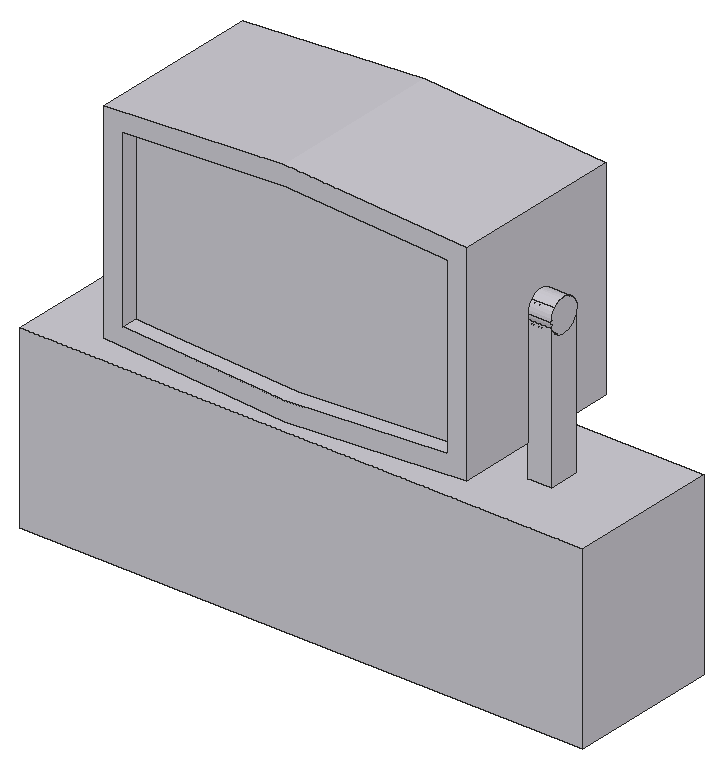
Revit family "Lighting-Track-Amerlux-Murro_Horizontal_Wallwash", category Lighting Fixtures, host Face, Revit 2015
Parameters
  Width = 0' - 2 5/16"
  Wattage = 9.2903 W
  built-in parameter 1150110 = 1 (stored number, unit not read)
  built-in parameter 1114217 = 1 (stored number, unit not read)
  Tilt Angle = 90.00°
  built-in parameter 1150109 = 1 (stored number, unit not read)
  built-in parameter 1150134 = 3
  built-in parameter 1150113 = 1 (stored number, unit not read)
  Photometric Web File = "generic"
  built-in parameter 1150142 = (empty or 0)
  built-in parameter 1150105 = 109.82 (stored number, unit not read)
  Lumens = 1380 lm
  built-in parameter 1150115 = 1 (stored number, unit not read)
  built-in parameter 1150137 = (empty or 0)
  built-in parameter 1150139 = (empty or 0)
  built-in parameter 1150112 = 1 (stored number, unit not read)
  built-in parameter 1150114 = 1 (stored number, unit not read)
  built-in parameter 1150132 = (empty or 0)
  built-in parameter 1150102 = (empty or 0)
  built-in parameter 1150107 = 3200 (stored number, unit not read)
  built-in parameter 1150138 = (empty or 0)
  built-in parameter 1150106 = 1.0982 (stored number, unit not read)
  Voltage = 0 V
  URL = "http://www.amerlux.com"
  Trim [instance] = yes
  Power Factor = 1
  Number of Poles = 1
  Model = "MURRO"
  Manufacturer = "Amerlux"
  Lamp = "LED"
  Fixture Finish = White
  Emit from Rectangle Width = 0' - 2 1/2"  # constant formula
  Emit from Rectangle Length = 0' - 4"  # constant formula
  Emit Shape Visible in Rendering = no
  built-in parameter 1150104 = 13.8 (stored number, unit not read)
  Dimming Lamp Color Temperature Shift = <None>
  Description = "Track LED"
  Default Elevation = 4' - 0"
  Color Filter = 16777215
  built-in parameter 1114218 = 1 (stored number, unit not read)
  built-in parameter 1150133 = 10 (stored number, unit not read)
  Apparent Load = 0 VA
Reference planes (in)
  plane 1 "Center (Front/Back)": y = 0
  plane 2: z = 0
  plane 3 "Center (Left/Right)": x = 0
  plane 4: z = -4.75
  plane 5: z = 26.3856
  plane 6: y = 1
  plane 7: y = -1
  plane 8: z = 6
  plane 9: y = -1.6582
  plane 10: y = -6.4707
  plane 11: z = 2.64365
  plane 12: x = -3.63296
  plane 13: x = 3.86704
  plane 14: z = 2.375
  plane 15: z = 5.75
Forms (in)
  Extrusion 1, solid, material "White Finish"
    sketch origin (-0.00041, 0, 0) x (1, 0, 0) y (0, 0, 1)
      loop
        line (3.86745, 2.375) -> (-3.6002, 2.375) -> (-3.6002, 0) -> (3.86745, 0) -> (3.86745, 2.375)
    from -1 to 1
  Extrusion 2, solid, material "White Finish"
    sketch origin (4.15584, 0, 0) x (1, 0, 0) y (0, 0, 1)
      loop
        line (-1.6582, 2.7999) -> (-1.6582, 5.5599)
        arc (-1.6582, 5.5599) -> (-4.06445, 5.70615) -> (-6.4707, 5.5599) r 19.86783
        line (-6.4707, 5.5599) -> (-6.4707, 2.7999)
        arc (-6.4707, 2.7999) -> (-4.06445, 2.65365) -> (-1.6582, 2.7999) r 19.86783
    from -1.09045 to 1.22205
  Extrusion 3, void
    sketch origin (3.71834, 0, 0) x (1, 0, 0) y (0, 0, 1)
      loop
        arc (-1.4707, 5.33729) -> (-3.62695, 5.45615) -> (-5.7832, 5.33729) r 19.61783
        line (-5.7832, 5.33729) -> (-5.7832, 3.02251)
        arc (-5.7832, 3.02251) -> (-3.62695, 2.90365) -> (-1.4707, 3.02251) r 19.61783
        line (-1.4707, 3.02251) -> (-1.4707, 5.33729)
    from 1 to 1.22205
  Extrusion 4, solid, material "White Finish"
    sketch origin (0, 0, 0) x (0, 1, 0) y (0, 0, 1)
      loop
        line (-0.19949, 4.35255) -> (-0.19949, 2.375) -> (0.20393, 2.375) -> (0.20393, 4.35255)
        arc (0.20393, 4.35255) -> (0.00222, 4.55426) -> (-0.19949, 4.35255) r 0.20171
    from 2.49764 to 2.81227
  Extrusion 5, solid, material "White Finish"
    sketch origin (0, 0, 0) x (0, 1, 0) y (0, 0, 1)
      loop
        circle (0, 4.33648) r 0.21109
    from 2.49764 to 2.81227
Cuts and joins
  Extrusion 3 cuts Extrusion 2
Dimensions and locks (in)
  aligned and locked: plane 2 to host face
  aligned and locked: level to host face
  aligned and locked: imposter light to cut or joined group of Extrusion 2, Extrusion 3
Connectors (in)
  electrical at (0.13321, 0, 0), driven by "Number of Poles", driven by "Voltage", driven by "Apparent Load", driven by "Power Factor"
    settings: on Extrusion 1, index 1, voltage 0 V, apparent load 0 VA, apparent load phase1 0 VA, apparent load phase2 0 VA, apparent load phase3 0 VA, power factor 1, load classification "Other", number of poles 1, system type 31, power factor state 1, is connector primary yes, connector utility no, sub classification motor no, connector description ""
